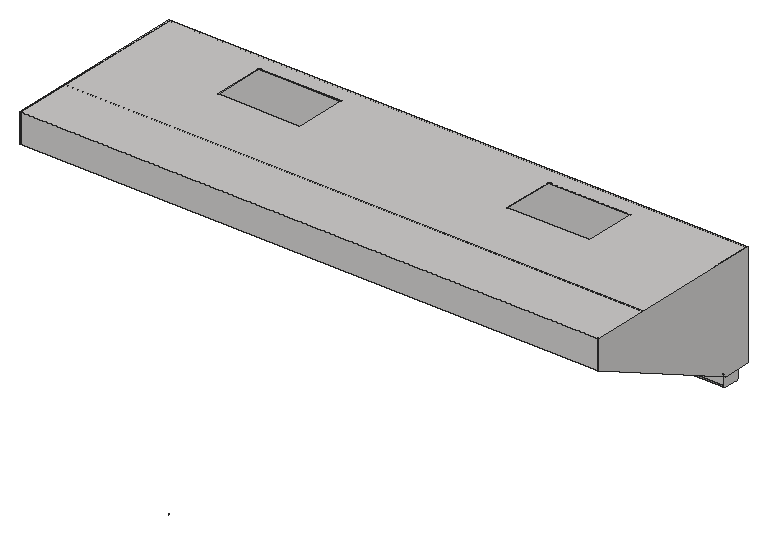
Revit family "QF_ELECTROLUXPROFESSIONAL_642001_MP928BT", category Specialty Equipment, Revit 2014
Reference planes
  plane 1: z = 0
  plane 2 "Center (Left/Right)": x = 150
  plane 3 "LEFT": x = -1250
  plane 4 "RIGHT": x = 1550
  plane 5 "BACK": y = 550
  plane 6 "Plane": z = 2000
  plane 7 "TOP": z = 2140
  plane 8 "Base": z = 1640
  plane 9: z = 1566
  plane 10 "DrainY": y = 485
  plane 11: x = -1247
  plane 12: through (0, 414.509, 1640.8) normal (0, 0.7314, 0.682)
  plane 13: y = 470
  plane 14: y = 220
  plane 15 "DrainX": x = 1430
  plane 16: x = -350
  plane 17: x = 650
  plane 18: x = -750
  plane 19: x = 1050
  plane 20: x = 1547
  plane 21: x = 1340
  plane 22: x = 1520
  plane 23: x = -1210
  plane 24: x = -845
  plane 25: x = -450
  plane 26: x = 1510
  plane 27: x = 1145
  plane 28: x = 750
  plane 29: y = -350
  plane 30 "Center (Front/Back)": y = 100
Forms (mm)
  Extrusion 1, solid, material "QF_Finishes_Stainless Steel"
    sketch origin (-1250, 0, 0) x (0, 1, 0) y (0, 0, 1)
      loop
        line (550, 1640) -> (550, 2140) -> (-350, 2140) -> (-350, 2000) -> (415.255, 1640) -> (550, 1640)
    from 0 to 3
  Extrusion 2, solid, material "QF_Finishes_Stainless Steel"
    sketch origin (150, 0, 0) x (0, 1, 0) y (0, 0, 1)
      loop
        line (415.255, 1640) -> (550, 1640) -> (550, 2139.19) -> (549.2, 2139.19) -> (549.2, 1640.8) -> (415.876, 1640.8) -> (339.347, 1722.867) -> (349.609, 1732.436) -> (348.927, 1733.167) -> (337.934, 1722.917) -> (415.255, 1640)
      loop
        line (-82.203, 2139.19) -> (-82.203, 2118.6) -> (-31.047, 2118.6) -> (34.354, 2048.466) -> (46.028, 2059.352) -> (45.346, 2060.083) -> (34.403, 2049.879) -> (-30.612, 2119.6) -> (-81.203, 2119.6) -> (-81.203, 2139.19) -> (-82.203, 2139.19)
    from -1397 to 1397
  Extrusion 3, solid, material "QF_Finishes_Stainless Steel"
    sketch origin (1550, 0, 0) x (0, 1, 0) y (0, 0, 1)
      loop
        line (550, 1640) -> (550, 2140) -> (-350, 2140) -> (-350, 2000) -> (415.255, 1640) -> (550, 1640)
    from 0 to -3
  Extrusion 4, solid, material "QF_Finishes_Stainless Steel"
    sketch origin (150, 0, 0) x (0, 1, 0) y (0, 0, 1)
      loop
        line (-350, 2140) -> (-350, 2000) -> (-349.2, 2000) -> (-349.2, 2139.19) -> (550, 2139.19) -> (550, 2140) -> (-350, 2140)
    from -1400 to 1400
  Extrusion 5, solid, material "QF_Finishes_Stainless Steel"
    sketch origin (150, 0, 0) x (0, 1, 0) y (0, 0, 1)
      loop
        line (534, 1640) -> (436, 1640) -> (436, 1627) -> (443.5, 1627) -> (443.5, 1576)
        arc (443.5, 1576) -> (446.429, 1568.929) -> (453.5, 1566) r 10
        line (453.5, 1566) -> (516.5, 1566)
        arc (516.5, 1566) -> (523.571, 1568.929) -> (526.5, 1576) r 10
        line (526.5, 1576) -> (526.5, 1627) -> (534, 1627) -> (534, 1640)
    from 1190 to 1370
  Extrusion 6, solid, material "QF_Finishes_Stainless Steel"
    sketch origin (0, 0, 1640) x (0, 1, 0) y (-1, 0, 0)
      loop
        circle (485, -1430) r 20
    from -76 to -74
  Extrusion 7, solid, material "QF_Finished_Chrome"
    sketch origin (150, 0, 0) x (0, 1, 0) y (0, 0, 1)
      loop
        line (337.934, 1722.917) -> (341.591, 1726.327) -> (38.011, 2051.876) -> (34.354, 2048.466) -> (337.934, 1722.917)
    from -995 to -1360
  Extrusion 8, solid, material "QF_Finished_Chrome"
    sketch origin (150, 0, 0) x (0, 1, 0) y (0, 0, 1)
      loop
        line (337.934, 1722.917) -> (341.591, 1726.327) -> (38.011, 2051.876) -> (34.354, 2048.466) -> (337.934, 1722.917)
    from 600 to -600
  Extrusion 9, solid, material "QF_Finishes_Stainless Steel"
    sketch origin (150, 0, 0) x (0, 1, 0) y (0, 0, 1)
      loop
        line (337.934, 1722.917) -> (341.591, 1726.327) -> (38.011, 2051.876) -> (34.354, 2048.466) -> (337.934, 1722.917)
    from 1397 to 1360
  Extrusion 10, solid, material "QF_Finishes_Stainless Steel"
    sketch origin (150, 0, 0) x (0, 1, 0) y (0, 0, 1)
      loop
        line (341.588, 1726.324) -> (38.009, 2051.874) -> (34.354, 2048.466) -> (337.934, 1722.917) -> (341.588, 1726.324)
    from -995 to -600
  Extrusion 11, solid, material "QF_Finished_Chrome"
    sketch origin (150, 0, 0) x (0, 1, 0) y (0, 0, 1)
      loop
        line (341.588, 1726.324) -> (38.009, 2051.874) -> (34.354, 2048.466) -> (337.934, 1722.917) -> (341.588, 1726.324)
    from 995 to 1360
  Extrusion 12, void
    sketch origin (0, 0, 2140) x (0, 1, 0) y (-1, 0, 0)
      loop
        line (470, 750) -> (220, 750) -> (220, 350) -> (470, 350) -> (470, 750)
    from 0 to -10
  Extrusion 13, void
    sketch origin (940, 0, 2140) x (0, 1, 0) y (-1, 0, 0)
      loop
        line (470, 290) -> (220, 290) -> (220, -110) -> (470, -110) -> (470, 290)
    from 0 to -10
  Extrusion 14, solid, material "QF_Finishes_Stainless Steel"
    sketch origin (0, 0, 0) x (1, 0, 0) y (0, 1, 0)
      loop
        line (-1250, 550) -> (-1250, 549) -> (-1249, 549) -> (-1249, 550) -> (-1250, 550)
    from 0 to 1
  Extrusion 15, solid, material "QF_Finishes_Stainless Steel"
    sketch origin (150, 0, 0) x (0, 1, 0) y (0, 0, 1)
      loop
        line (337.934, 1722.917) -> (341.591, 1726.327) -> (38.011, 2051.876) -> (34.354, 2048.466) -> (337.934, 1722.917)
    from -1360 to -1397
  Extrusion 16, solid, material "QF_Finishes_Stainless Steel"
    sketch origin (150, 0, 0) x (0, 1, 0) y (0, 0, -1)
      loop
        line (341.588, -1726.324) -> (337.934, -1722.917) -> (34.354, -2048.466) -> (38.009, -2051.874) -> (341.588, -1726.324)
    from -995 to -600
Cuts and joins
  Extrusion 12, Extrusion 13 cuts Extrusion 4
  joined: Extrusion 2, Extrusion 4
Lines and regions (mm)
  reference lines
    curve 1: line (150, 34.354, 2048.466) -> (150, 34.354, 1888.466)
  symbolic lines, style "SpecialityEquipment", detail levels coarse
    curve 2: line (1550, 550, 2140) -> (-1250, 550, 2140)
    curve 3: line (-1250, 550, 2140) -> (-1250, -350, 2140)
    curve 4: line (1550, -350, 2140) -> (1550, 550, 2140)
    curve 5: line (-1250, -350, 2140) -> (1550, -350, 2140)
    curve 6: line (-750, 220, 2140) -> (-350, 220, 2140)
    curve 7: line (-750, 470, 2140) -> (-750, 220, 2140)
    curve 8: line (-350, 470, 2140) -> (-750, 470, 2140)
    curve 9: line (-350, 220, 2140) -> (-350, 470, 2140)
    curve 10: line (650, 470, 2140) -> (650, 220, 2140)
    curve 11: line (650, 220, 2140) -> (1050, 220, 2140)
    curve 12: line (1050, 470, 2140) -> (650, 470, 2140)
    curve 13: line (1050, 220, 2140) -> (1050, 470, 2140)
  symbolic lines, detail levels coarse
    curve 14: line (-1250, -350, 0) -> (1550, 550, 0)
    curve 15: line (1550, -350, 0) -> (-1250, 550, 0)
Dimensions and locks
  plane 3 "LEFT" to plane 4 "RIGHT" = 2800 mm
  equal spacing: plane 3 "LEFT", plane 2 "Center (Left/Right)", plane 4 "RIGHT"
  locked: plane 6 "Plane" to level at 2000
  plane 7 "TOP" to plane 6 "Plane" = 140 mm
  locked: plane 7 "TOP" to plane 8 "Base" at 500
  plane 8 "Base" to plane 9 = 74 mm
  plane 5 "BACK" to plane 10 "DrainY" = 65 mm  (x2)
  plane 3 "LEFT" to plane 11 = 3 mm
  plane 5 "BACK" to plane 13 = 80 mm
  plane 13 to plane 14 = 250 mm  (x2)
  plane 15 "DrainX" to plane 4 "RIGHT" = 120 mm
  locked: plane 16 to plane 17 at 1000
  equal spacing: plane 16, plane 2 "Center (Left/Right)", plane 17
  plane 18 to plane 16 = 400 mm
  plane 17 to plane 19 = 400 mm
  plane 20 to plane 4 "RIGHT" = 3 mm
  locked: plane 21 to plane 15 "DrainX" at 90
  locked: plane 15 "DrainX" to plane 22 at 90
  plane 13 to plane 5 "BACK" = 80 mm
  locked: plane 3 "LEFT" to plane 23 at 40
  locked: plane 23 to plane 24 at 365
  locked: plane 24 to plane 25 at 395
  locked: plane 26 to plane 27 at 365
  locked: plane 27 to plane 28 at 395
  locked: plane 26 to plane 4 "RIGHT" at 40
  plane 25 to plane 28 = 1200 mm
  plane 5 "BACK" to plane 29 = 900 mm  (x2)
  equal spacing: plane 5 "BACK", plane 30 "Center (Front/Back)", plane 29
  plane 14 to plane 29 = 570 mm
  aligned and locked: level to plane 1
  aligned and locked: Extrusion 2 to Extrusion 1
  aligned and locked: Extrusion 2 to Extrusion 3
  aligned and locked: plane 4 "RIGHT" to Extrusion 4
  aligned and locked: Extrusion 4 to plane 3 "LEFT"
  aligned and locked: plane 20 to Extrusion 9
  aligned and locked: plane 18 to Extrusion 12
  aligned and locked: Extrusion 12 to plane 16
  aligned and locked: Extrusion 12 to plane 14
  aligned and locked: Extrusion 12 to plane 13
  aligned and locked: Extrusion 13 to plane 19
  aligned and locked: plane 17 to Extrusion 13
  aligned and locked: Extrusion 2 to Extrusion 4
  aligned and locked: plane 22 to Extrusion 5
  aligned and locked: Extrusion 5 to plane 21
  aligned and locked: Extrusion 9 to plane 26
  aligned and locked: Extrusion 11 to plane 26
  aligned and locked: Extrusion 11 to plane 27
  aligned and locked: Extrusion 8 to plane 28
  aligned and locked: Extrusion 8 to plane 25
  aligned and locked: plane 25 to Extrusion 10
  aligned and locked: Extrusion 10 to plane 24
  aligned and locked: plane 24 to Extrusion 7
  aligned and locked: Extrusion 7 to plane 23
  aligned and locked: Extrusion 15 to plane 11
  aligned and locked: plane 23 to Extrusion 15
  aligned and locked: Extrusion 16 to plane 28
  aligned and locked: Extrusion 16 to plane 27
  aligned and locked: Extrusion 3 to plane 20
Automatic sketch dimensions
  curve 5 to plane 3 "LEFT" = 0 mm
  curve 9 to plane 14 = 0 mm
  curve 10 to plane 14 = 0 mm
  plane 13 to curve 8 = 0 mm
  plane 13 to curve 12 = 0 mm
  curve 3 to plane 5 "BACK" = 0 mm
  curve 5 to plane 4 "RIGHT" = 0 mm
  curve 11 to plane 19 = 0 mm
  curve 10 to plane 17 = 0 mm
  curve 6 to plane 16 = 0 mm
  curve 6 to plane 18 = 0 mm
  Extrusion 2 sketch curve to plane 12 = 0 mm  (x3)
  Extrusion 2 sketch curve to plane 8 "Base" = 0 mm
  plane 12 to Extrusion 2 sketch curve = 0 mm
  Extrusion 2 sketch curve to plane 5 "BACK" = 0 mm
  Extrusion 2 sketch curve to Extrusion 2 sketch curve = 65.646 mm
  Extrusion 2 sketch curve to Extrusion 2 sketch curve = 0.682 mm  (x2)
  Extrusion 2 sketch curve to Extrusion 2 sketch curve = 10.261 mm
  plane 8 "Base" to Extrusion 2 sketch curve = 82.917 mm
  Extrusion 2 sketch curve to Extrusion 2 sketch curve = 10.942 mm
  Extrusion 2 sketch curve to Extrusion 2 sketch curve = 0.049 mm
  Extrusion 2 sketch curve to plane 7 "TOP" = 20.4 mm
  Extrusion 2 sketch curve to plane 7 "TOP" = 21.4 mm
  Extrusion 2 sketch curve to plane 7 "TOP" = 0.81 mm  (x2)
  Extrusion 2 sketch curve to Extrusion 2 sketch curve = 50.156 mm
  Extrusion 2 sketch curve to Extrusion 2 sketch curve = 1 mm
  plane 8 "Base" to Extrusion 2 sketch curve = 0.8 mm
  Extrusion 2 sketch curve to plane 5 "BACK" = 0.8 mm
  Extrusion 4 sketch curve to plane 6 "Plane" = 0 mm
  Extrusion 4 sketch curve to plane 5 "BACK" = 0 mm
  Extrusion 4 sketch curve to plane 7 "TOP" = 0 mm
  Extrusion 4 sketch curve to plane 7 "TOP" = 0.81 mm
  curve 1 to plane 12 = 0 mm
  curve 1 to plane 6 "Plane" = 111.534 mm
  Extrusion 5 sketch curve to plane 8 "Base" = 0 mm
  Extrusion 5 sketch curve to plane 9 = 0 mm
  Extrusion 5 sketch curve to plane 8 "Base" = 13 mm  (x2)
  plane 13 to Extrusion 5 sketch curve = 34 mm
  Extrusion 5 sketch curve to Extrusion 5 sketch curve = 7.5 mm  (x2)
  Extrusion 5 sketch curve to Extrusion 5 sketch curve = 10 mm
  plane 10 "DrainY" to Extrusion 5 sketch curve = 31.5 mm
  Extrusion 5 sketch curve to plane 5 "BACK" = 23.5 mm
  Extrusion 6 sketch curve to plane 10 "DrainY" = 0 mm
  Extrusion 6 sketch curve to plane 15 "DrainX" = 0 mm
  Extrusion 7 sketch curve to plane 12 = 0 mm  (x2)
  Extrusion 7 sketch curve to Extrusion 7 sketch curve = 3.657 mm
  plane 8 "Base" to Extrusion 7 sketch curve = 82.917 mm
  Extrusion 8 sketch curve to plane 12 = 0 mm  (x2)
  Extrusion 8 sketch curve to Extrusion 8 sketch curve = 3.657 mm
  plane 8 "Base" to Extrusion 8 sketch curve = 82.917 mm
  Extrusion 9 sketch curve to plane 12 = 0 mm  (x2)
  Extrusion 9 sketch curve to Extrusion 9 sketch curve = 3.657 mm
  plane 8 "Base" to Extrusion 9 sketch curve = 82.917 mm
  Extrusion 10 sketch curve to plane 12 = 0 mm  (x2)
  Extrusion 10 sketch curve to Extrusion 10 sketch curve = 3.655 mm
  plane 8 "Base" to Extrusion 10 sketch curve = 82.917 mm
  Extrusion 11 sketch curve to plane 12 = 0 mm  (x2)
  Extrusion 11 sketch curve to Extrusion 11 sketch curve = 3.655 mm
  plane 8 "Base" to Extrusion 11 sketch curve = 82.917 mm
  Extrusion 12 sketch curve to plane 14 = 0 mm
  plane 13 to Extrusion 12 sketch curve = 0 mm
  Extrusion 12 sketch curve to plane 16 = 0 mm
  Extrusion 12 sketch curve to plane 18 = 0 mm
  Extrusion 13 sketch curve to plane 14 = 0 mm
  plane 13 to Extrusion 13 sketch curve = 0 mm
  Extrusion 13 sketch curve to plane 19 = 0 mm
  Extrusion 13 sketch curve to plane 17 = 0 mm
  Extrusion 14 sketch curve to plane 3 "LEFT" = 0 mm
  Extrusion 14 sketch curve to plane 5 "BACK" = 0 mm
  plane 3 "LEFT" to Extrusion 14 sketch curve = 1 mm
  Extrusion 14 sketch curve to plane 5 "BACK" = 1 mm
  Extrusion 15 sketch curve to plane 12 = 0 mm  (x2)
  Extrusion 15 sketch curve to Extrusion 15 sketch curve = 3.657 mm
  plane 8 "Base" to Extrusion 15 sketch curve = 82.917 mm
  Extrusion 16 sketch curve to plane 12 = 0 mm  (x2)
  Extrusion 16 sketch curve to Extrusion 16 sketch curve = 3.655 mm
  plane 8 "Base" to Extrusion 16 sketch curve = 82.917 mm
  Extrusion 4 sketch curve to Extrusion 4 sketch curve = 0.8 mm
  curve 5 to plane 29 = 0 mm
  plane 6 "Plane" to Extrusion 2 sketch curve = 48.466 mm
  plane 29 to Extrusion 4 sketch curve = 0.8 mm
  curve 1 to plane 14 = 185.646 mm
  plane 6 "Plane" to Extrusion 7 sketch curve = 51.876 mm
  plane 6 "Plane" to Extrusion 8 sketch curve = 51.876 mm
  plane 6 "Plane" to Extrusion 9 sketch curve = 51.876 mm
  plane 6 "Plane" to Extrusion 10 sketch curve = 51.874 mm
  plane 6 "Plane" to Extrusion 11 sketch curve = 51.874 mm
  plane 6 "Plane" to Extrusion 15 sketch curve = 51.876 mm
  plane 6 "Plane" to Extrusion 16 sketch curve = 51.874 mm
  Extrusion 3 sketch curve to plane 5 "BACK" = 0 mm
  Extrusion 3 sketch curve to plane 7 "TOP" = 0 mm
  Extrusion 3 sketch curve to plane 6 "Plane" = 0 mm
  Extrusion 1 sketch curve to plane 8 "Base" = 0 mm
  plane 12 to Extrusion 1 sketch curve = 0 mm
  Extrusion 1 sketch curve to plane 5 "BACK" = 0 mm
  Extrusion 1 sketch curve to plane 7 "TOP" = 0 mm
  Extrusion 1 sketch curve to plane 29 = 0 mm
  Extrusion 1 sketch curve to plane 6 "Plane" = 0 mm
  Extrusion 3 sketch curve to plane 29 = 0 mm
  Extrusion 3 sketch curve to plane 8 "Base" = 0 mm
  plane 12 to Extrusion 3 sketch curve = 0 mm
  curve 15 to plane 3 "LEFT" = 0 mm
  curve 14 to plane 3 "LEFT" = 0 mm
  curve 15 to plane 4 "RIGHT" = 0 mm
  curve 14 to plane 4 "RIGHT" = 0 mm
  curve 15 to plane 29 = 0 mm
  curve 14 to plane 29 = 0 mm
  curve 15 to plane 5 "BACK" = 0 mm
  curve 14 to plane 5 "BACK" = 0 mm
  radius of Extrusion 6 sketch curve = 20 mm
Connectors
  piping at (1430, 485, 1564), diameter 20
    settings: on Extrusion 6, index 1, connector inside diameter 609.6 mm, connector length 0 mm, flow factor 0, pipe flow 0.0 L/s, pressure drop 0.0 Pa, fitting loss kfactor 0, connector angle 0.00°, fixture units 0, engagement length 0 mm, angle of deflection 0.00°, flow configuration 1, flow direction 2, fitting loss method 0, system type 16, joint type 0, gender type 0, connector reference index -1, connector utility 0, adjustable connector no, is connector primary yes, connector description "Drain"
  hvac at (-550, 345, 2140)
    settings: on Extrusion 12, index 2, duct flow 0.0 L/s, flow factor 0, pres drop 0.0 Pa, loss coef 0, conn angle 0.00°, conn width 250 mm, conn height 400 mm, conn diameter 609.6 mm, duct sys type 3, conn prof type 1, flow config 1, flow direction 0, loss method 0, conn ref index -1, conn util no, is conn primary yes, conn desc "EXHAUST OUTLET"
  hvac at (850, 345, 2140)
    settings: on Extrusion 13, index 3, duct flow 0.0 L/s, flow factor 0, pres drop 0.0 Pa, loss coef 0, conn angle 0.00°, conn width 250 mm, conn height 400 mm, conn diameter 609.6 mm, duct sys type 3, conn prof type 1, flow config 1, flow direction 0, loss method 0, conn ref index -1, conn util no, is conn primary no, conn desc "EXHAUST OUTLET"
